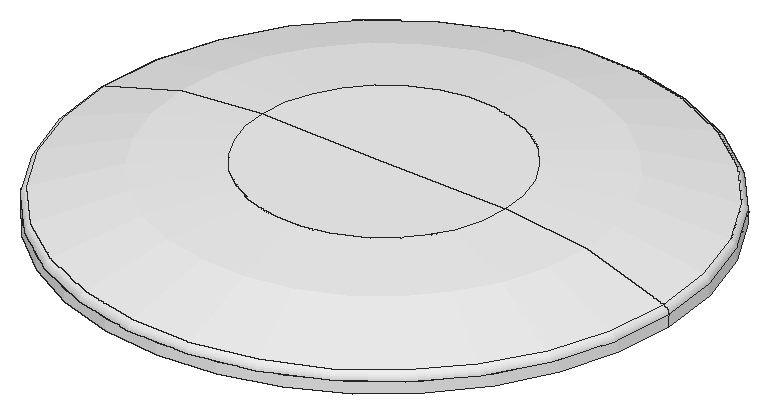
Revit family "Reece_Bath_Roca_Inspira_Freestanding Bath_1800mm", category Plumbing Fixtures, Revit 2018
Family settings
  Round Connector Dimension = Use Diameter
  Part Type = Normal
  Work Plane-Based = Yes
  Always vertical = Yes
  Cut with Voids When Loaded = Yes
  Shared = Yes
  Room Calculation Point = Yes
Parameters (values of type "White")
  URL = "https://www.reece.com.au/product/-9508940"
  Type Comments = "Bath"
  Reece_Product_Web Page = "https://www.reece.com.au/product/-9508940"
  Reece_Product_Type = "Bath"  # constant formula
  Reece_Product_Sub Brand = "Inspira"  # constant formula
  Reece_Product_Number = "9508940"
  Reece_Product_Mount = "Floor Mounted"
  Reece_Product_Description = "Roca Inspira Freestanding Bath with Overflow 1800mm x 800mm White"  # constant formula
  Reece_Product_Brand = "Roca"  # constant formula
  Reece_Overall_Width = 800 mm  # constant formula
  Reece_Overall_Length = 1800 mm  # constant formula
  Reece_Overall_Height = 600 mm  # constant formula
  Reece_Overall_Capacity = 280 L  # constant formula
  Reece_Material_Secondary = Reece_Brass_Chrome
  Reece_Material_Main = Reece_Acrylic_White
  Reece_Detail_Installation = "Freestanding Bath"  # constant formula
  Reece_Detail_Disclaimer = "THIS FILE IS THE PROPERTY OF THE REECE GROUP. IT MAY NOT BE REPRODUCED, REVERSE-ENGINEERED OR MODIFIED. ANY REPUBLICATION, TRANSMISSION OR DISTRIBUTION FOR THE PURPOSE OF COMMERCIALLY EXPLOITING THE FILES IS PROHIBITED."  # constant formula
  Reece_Detail_Additional = "Overflow"  # constant formula
  Reece_Bath_Outlet = 40 mm  # constant formula
  Model = "Inspira"
  Manufacturer = "Roca"
  Keynote = "Product #9508940, Reece_Bath_Roca_Inspira_Freestanding Bath_1800mm - White"
  Disclaimer = "THIS FILE IS THE PROPERTY OF THE REECE GROUP. IT MAY NOT BE REPRODUCED, REVERSE-ENGINEERED OR MODIFIED. ANY REPUBLICATION, TRANSMISSION OR DISTRIBUTION FOR THE PURPOSE OF COMMERCIALLY EXPLOITING THE FILES IS PROHIBITED."  # constant formula
  Description = "Roca Inspira Freestanding Bath with Overflow 1800mm x 800mm White"
  Default Elevation = 0 mm
Types (2, lengths in mm): name | Keynote
  (no name) | "Product #9508940, Reece_Bath_Roca_Inspira_Freestanding Bath_1800mm -  "
  White | "Product #9508940, Reece_Bath_Roca_Inspira_Freestanding Bath_1800mm - White"
Reference planes
  plane 1 "Center (Front/Back)": y = 0
  plane 2 "Bottom Host Plane": z = 0
  plane 3 "Center (Left/Right)": x = 0
  plane 4: x = -900
  plane 5: y = 400
  plane 6: y = -400
  plane 7: x = 900
  plane 8: z = 600
  plane 9: x = -600
  plane 10: x = 600
  plane 11: z = 180
  plane 12: z = 0
  plane 13: y = -320
  plane 14: y = 320
Forms (mm)
  Revolve 1, solid, material "Reece_Acrylic_White" <- "Reece_Material_Main"
    sketch origin (0, 0, 62.983) x (1, 0, 0) y (0, 0, 1)
      loop
        line (-20, 117.664) -> (-17.182, 114.847) -> (0, 114.847) -> (0, 115.847) -> (-16.768, 115.847) -> (-19.585, 118.664) -> (-22.315, 118.664) -> (-22.315, 117.664) -> (-20, 117.664)
      loop
        line (-35, 119.327) -> (0, 119.327) -> (0, 125.303) -> (-15, 125.303)
        arc (-15, 125.303) -> (-24.862, 124.364) -> (-34.37, 121.583) r 52.295
        arc (-34.37, 121.583) -> (-34.828, 121.215) -> (-35, 120.654) r 1
        line (-35, 120.654) -> (-35, 119.327)
      axis (0, 125.303) -> (0, 114.847)
    angle from 0 to 360
Lines and regions (mm)
  symbolic lines, style "PlumbingFixtures"
    curve 1: arc (-311.5, 288.5, 0) -> (-600, 0, 0) -> (-311.5, -288.5, 0) r 288.5
    curve 2: line (311.5, 288.5, 0) -> (-311.5, 288.5, 0)
    curve 3: arc (311.5, -288.5, 0) -> (600, 0, 0) -> (311.5, 288.5, 0) r 288.5
    curve 4: line (-311.5, -288.5, 0) -> (311.5, -288.5, 0)
Text (mm)
  text "Reece ©" at (3136.013, -1941.423, 2939.377), in view "Reece Preview"
  text "Reece Copyright © 2018, Reece Ltd." at (-2418.596, -1027.004, 0), in view "Ref. Level"
Dimensions and locks
  equal spacing: plane 5, plane 1 "Center (Front/Back)", plane 6
  "Reece_Overall_Width": plane 6 to plane 5
  equal spacing: plane 4, plane 3 "Center (Left/Right)", plane 7
  "Reece_Overall_Length": plane 4 to plane 7
  "Reece_Overall_Height": plane 8 to plane 2 "Bottom Host Plane"
  "Reece_Overall_Length": free form element to plane 4
  "Reece_Overall_Width": plane 5 to free form element
  curve 2 to curve 4 = 577 mm
  plane 9 to plane 10 = 1200 mm
  plane 8 to free form element = 70.066 mm
  free form element to free form element = 99.998 mm
  plane 8 to plane 11 = 420 mm  (x3)
  plane 14 to plane 13 = 640 mm
  "Reece_Overall_Height": free form element to level
  plane 13 to plane 14 = 640 mm
Automatic sketch dimensions
  Revolve 1 sketch curve to plane 3 "Center (Left/Right)" = 0 mm  (x3)
  Revolve 1 sketch curve to plane 3 "Center (Left/Right)" = 15 mm
  Revolve 1 sketch curve to Revolve 1 sketch curve = 1.768 mm
  Revolve 1 sketch curve to Revolve 1 sketch curve = 0.414 mm  (x2)
  Revolve 1 sketch curve to Revolve 1 sketch curve = 2.817 mm
  Revolve 1 sketch curve to Revolve 1 sketch curve = 2.315 mm
  Revolve 1 sketch curve to Revolve 1 sketch curve = 11.685 mm
  Revolve 1 sketch curve to Revolve 1 sketch curve = 1 mm  (x3)
  level to Revolve 1 sketch curve = 135.991 mm
  Revolve 1 sketch curve to Revolve 1 sketch curve = 41.84 mm
  Revolve 1 sketch curve to Revolve 1 sketch curve = 1.817 mm
  Revolve 1 sketch curve to Revolve 1 sketch curve = 3.48 mm
  Revolve 1 sketch curve to Revolve 1 sketch curve = 1.327 mm
  Revolve 1 sketch curve to Revolve 1 sketch curve = 6.638 mm
  Revolve 1 sketch curve to Revolve 1 sketch curve = 6.992 mm
  Revolve 1 sketch curve to Revolve 1 sketch curve = 19.697 mm
  curve 2 to plane 3 "Center (Left/Right)" = 311.5 mm
  plane 3 "Center (Left/Right)" to curve 2 = 311.5 mm
  plane 1 "Center (Front/Back)" to curve 3 = 0 mm
